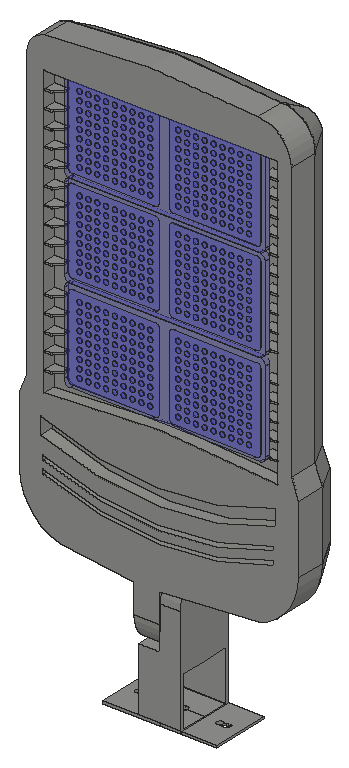
Revit family "VP-3-T", category Lighting Fixtures, host Face, Revit 2019 (continued)
Definition of nested family "SIZE3-T"
  Forms (in)
    Extrusion 49, void
      sketch origin (0, 0, 3.625) x (1, 0, 0) y (0, 0, 1)
        loop
          arc (6.73035, 7.45243) -> (-0.06706, 6.16477) -> (-6.85535, 7.49972) r 18.25
      from 1 to 1.75
    Blend 50, solid, material <- "Fixture"
      base sketch origin (0, 0, 0) x (1, 0, 0) y (0, 0, 1)
        loop
          arc (-6.75192, 33.95884) -> (-7.48558, 33.52919) -> (-7.77472, 32.72966) r 1.25
          line (-7.77472, 32.72966) -> (-7.77472, 15.72202) -> (-8.18, 14.67799) -> (-8.18, 10.64521)
          arc (-8.18, 10.64521) -> (-7.52407, 8.68733) -> (-5.82104, 7.51974) r 3.25
          arc (-5.82104, 7.51974) -> (-2.92086, 7.15165) -> (0, 7.02866) r 34.74571
          arc (0, 7.02866) -> (2.92086, 7.15165) -> (5.82104, 7.51974) r 34.74571
          arc (5.82104, 7.51974) -> (7.52407, 8.68733) -> (8.18, 10.64521) r 3.25
          line (8.18, 10.64521) -> (8.18, 14.67799) -> (7.7425, 15.80502) -> (7.7425, 32.05879)
          arc (7.7425, 32.05879) -> (7.16964, 33.45997) -> (5.77922, 34.05846) r 2
          arc (5.77922, 34.05846) -> (-0.48981, 34.44343) -> (-6.75192, 33.95884) r 45.36519
      top sketch origin (0, 0, 0) x (1, 0, 0) y (0, 0, 1)
        loop
          arc (5.71398, 33.05839) -> (-0.43659, 33.4438) -> (-6.58122, 32.97319) r 44.36519
          arc (-6.58122, 32.97319) -> (-6.72046, 32.88519) -> (-6.77472, 32.72966) r 0.25
          line (-6.77472, 32.72966) -> (-6.77472, 15.53474) -> (-7.18, 14.49071) -> (-7.18, 10.64521)
          arc (-7.18, 10.64521) -> (-6.74089, 9.30985) -> (-5.59495, 8.49571) r 2.25
          arc (-5.59495, 8.49571) -> (-2.89422, 8.15301) -> (-0.17465, 8.02912) r 33.74571
          arc (-0.17465, 8.02912) -> (2.72017, 8.13848) -> (5.59495, 8.49571) r 33.74571
          arc (5.59495, 8.49571) -> (6.74089, 9.30985) -> (7.18, 10.64521) r 2.25
          line (7.18, 10.64521) -> (7.18, 14.49071) -> (6.7425, 15.61774) -> (6.7425, 32.05879)
          arc (6.7425, 32.05879) -> (6.43945, 32.77591) -> (5.71398, 33.05839) r 1
      from 0 to -1.74
    Extrusion 51, solid, material <- "Fixture"
      sketch origin (0, 0, 0) x (0, 1, 0) y (0, 0, 1)
        loop
          line (1.74, 0) -> (1.74, 6.43918)
          arc (1.74, 6.43918) -> (0, 8.17918) -> (-1.74, 6.43918) r 1.74
          line (-1.74, 6.43918) -> (-1.74, 0) -> (1.74, 0)
      from -1.24 to 1.24
    Extrusion 52, solid, material <- "Fixture"
      sketch origin (0, 0, 0) x (0, 1, 0) y (0, 0, 1)
        loop
          line (1.74, 8.81429) -> (-1.74, 8.81429) -> (-1.74, 5.31429)
          arc (-1.74, 5.31429) -> (0, 3.57429) -> (1.74, 5.31429) r 1.74
          line (1.74, 5.31429) -> (1.74, 8.81429)
      from -1.5 to 0
    Extrusion 53, void
      sketch origin (0, 0, 0) x (1, 0, 0) y (0, 0, 1)
        loop
          line (-1.5, 8.3) -> (-1.5, 3.90812) -> (0, 3.90812) -> (0, 8.3) -> (-1.5, 8.3)
      from -1.84653 to 1.9488
    Extrusion 54, void
      sketch origin (0, 0, 0) x (0, 1, 0) y (0, 0, 1)
        loop
          line (1.58669, 3.10901) -> (0, 3.10901) -> (-1.58669, 3.10901) -> (-1.58669, 0.14528) -> (0, 0.14528) -> (1.58669, 0.14528) -> (1.58669, 3.10901)
      from -1.5 to 1.75
    Extrusion 55, solid, material <- "Fixture"
      sketch origin (0, 0, 0) x (1, 0, 0) y (0, 1, 0)
        loop
          line (-3.35412, 1.74) -> (-3.35412, -1.74) -> (0, -1.74) -> (3.35412, -1.74) -> (3.35412, 1.74) -> (0, 1.74) -> (-3.35412, 1.74)
        loop
          arc (-2.58546, 0.1829) -> (-2.78788, -0.01952) -> (-2.58546, -0.22194) r 0.20242
          line (-2.58546, -0.22194) -> (-2.19338, -0.22194)
          arc (-2.19338, -0.22194) -> (-1.99096, -0.01952) -> (-2.19338, 0.1829) r 0.20242
          line (-2.19338, 0.1829) -> (-2.58546, 0.1829)
        loop
          line (2.58546, 0.1829) -> (2.19338, 0.1829)
          arc (2.19338, 0.1829) -> (1.99096, -0.01952) -> (2.19338, -0.22194) r 0.20242
          line (2.19338, -0.22194) -> (2.58546, -0.22194)
          arc (2.58546, -0.22194) -> (2.78788, -0.01952) -> (2.58546, 0.1829) r 0.20242
        loop
          line (-1.24, 1.58669) -> (-1.24, -1.58669) -> (1.24, -1.58669) -> (1.24, 1.58669) -> (-1.24, 1.58669)
      from 0 to 0.14528
    Extrusion 56, void
      sketch origin (0, 0, 0) x (1, 0, 0) y (0, 1, 0)
        loop
          circle (0, 0) r 0.25
      from 0 to 1.75
  Cuts and joins
    Extrusion 3, Extrusion 49, Extrusion 53 cuts Extrusion 2
    joined: Extrusion 2, Extrusion 52
    Extrusion 53 cuts Blend 50
    Extrusion 53, Extrusion 54, Extrusion 56 cuts Extrusion 51
    Extrusion 54, Extrusion 56 cuts Extrusion 55
  Dimensions and locks (in)
    equal spacing: plane 4, plane 3 "Center (Left/Right)", plane 5
    "Width": plane 4 to plane 5
    "Length": plane 7 to plane 6
    "Mount Length": plane 6 to plane 2
    aligned and locked: plane 2 to Extrusion 1
    aligned and locked: level to Extrusion 1
    aligned and locked: plane 1 "Center (Front/Back)" to Blend 50
  Automatic sketch dimensions
    Extrusion 1 sketch curve to Extrusion 1 sketch curve = 96.00"  (x2)
    Extrusion 2 sketch curve to plane 3 "Center (Left/Right)" = 0.00"
    Extrusion 2 sketch curve to plane 3 "Center (Left/Right)" = 0.12919"
    plane 5 to Extrusion 2 sketch curve = 3.125"
    plane 5 to Extrusion 2 sketch curve = 1.53028"
    plane 5 to Extrusion 2 sketch curve = 0.28028"
    Extrusion 2 sketch curve to plane 5 = 0.125"
    Extrusion 2 sketch curve to plane 4 = 3.125"
    Extrusion 2 sketch curve to plane 4 = 2.3125"
    Extrusion 2 sketch curve to plane 4 = 0.3125"
    plane 4 to Extrusion 2 sketch curve = 0.125"
    Extrusion 2 sketch curve to level = 10.92033"
    plane 6 to Extrusion 2 sketch curve = 3.14521"
    Extrusion 2 sketch curve to Extrusion 2 sketch curve = 0.00"
    Extrusion 2 sketch curve to Extrusion 2 sketch curve = 4.03278"  (x2)
    Extrusion 2 sketch curve to Extrusion 2 sketch curve = 1.04403"
    Extrusion 2 sketch curve to Extrusion 2 sketch curve = 1.12703"
    Extrusion 2 sketch curve to plane 7 = 2.41121"
    Extrusion 2 sketch curve to Extrusion 2 sketch curve = 0.67087"
    plane 7 to Extrusion 2 sketch curve = 7.30438"
    plane 6 to Extrusion 2 sketch curve = 0.01974"
    Extrusion 2 sketch curve to plane 7 = 0.51116"
    plane 5 to Extrusion 3 sketch curve = 1.27892"
    plane 3 "Center (Left/Right)" to Extrusion 3 sketch curve = 0.06506"
    Extrusion 3 sketch curve to plane 4 = 1.125"
    Extrusion 3 sketch curve to level = 39.4018"
    plane 6 to Extrusion 3 sketch curve = 7.63674"
    Extrusion 3 sketch curve to plane 7 = 2.31818"
    plane 5 to Extrusion 4 sketch curve = 2.15013"
    Extrusion 4 sketch curve to Extrusion 4 sketch curve = 0.35"  (x3)
    Extrusion 4 sketch curve to plane 4 = 2.50013"  (x2)
    Extrusion 4 sketch curve to plane 7 = 7.81818"
    Extrusion 4 sketch curve to plane 7 = 2.66818"
    plane 5 to Extrusion 5 sketch curve = 3.08171"
    Extrusion 5 sketch curve to Extrusion 5 sketch curve = 0.00"  (x61)
    Extrusion 5 sketch curve to Extrusion 5 sketch curve = 0.51875"  (x27)
    Extrusion 5 sketch curve to plane 7 = 7.01806"
    Extrusion 5 sketch curve to Extrusion 5 sketch curve = 0.50"  (x72)
    plane 5 to Extrusion 6 sketch curve = 2.39345"
    Extrusion 6 sketch curve to Extrusion 6 sketch curve = 0.25"  (x3)
    Extrusion 6 sketch curve to plane 3 "Center (Left/Right)" = 0.54655"  (x2)
    Extrusion 6 sketch curve to plane 7 = 7.5141"
    Extrusion 6 sketch curve to plane 7 = 2.7641"
    Extrusion 7 sketch curve to plane 4 = 1.99807"
    Extrusion 7 sketch curve to plane 8 = 0.46661"
    Extrusion 7 sketch curve to Extrusion 7 sketch curve = 0.02618"
    Extrusion 7 sketch curve to Extrusion 7 sketch curve = 0.1119"
    Extrusion 7 sketch curve to plane 8 = 0.03691"
    Extrusion 7 sketch curve to Extrusion 7 sketch curve = 0.36056"
    Extrusion 7 sketch curve to plane 8 = 0.00781"
    Extrusion 7 sketch curve to Extrusion 7 sketch curve = 0.06241"
    Extrusion 7 sketch curve to Extrusion 7 sketch curve = 0.42393"
    Extrusion 7 sketch curve to Extrusion 7 sketch curve = 0.73219"
    plane 4 to Extrusion 8 sketch curve = 3.08171"
    Extrusion 8 sketch curve to Extrusion 8 sketch curve = 0.00"  (x61)
    Extrusion 8 sketch curve to Extrusion 8 sketch curve = 0.51875"  (x27)
    plane 7 to Extrusion 8 sketch curve = 7.01806"
    Extrusion 8 sketch curve to Extrusion 8 sketch curve = 0.50"  (x72)
    plane 4 to Extrusion 9 sketch curve = 2.39345"
    Extrusion 9 sketch curve to Extrusion 9 sketch curve = 0.25"  (x3)
    Extrusion 9 sketch curve to plane 3 "Center (Left/Right)" = 0.54655"  (x2)
    plane 7 to Extrusion 9 sketch curve = 7.5141"
    plane 7 to Extrusion 9 sketch curve = 2.7641"
    plane 5 to Extrusion 10 sketch curve = 2.15013"
    Extrusion 10 sketch curve to Extrusion 10 sketch curve = 0.35"  (x3)
    Extrusion 10 sketch curve to plane 4 = 2.50013"  (x2)
    Extrusion 10 sketch curve to plane 7 = 13.31818"
    Extrusion 10 sketch curve to Extrusion 10 sketch curve = 4.80"
    plane 5 to Extrusion 11 sketch curve = 3.08171"
    Extrusion 11 sketch curve to Extrusion 11 sketch curve = 0.00"  (x61)
    Extrusion 11 sketch curve to Extrusion 11 sketch curve = 0.51875"  (x27)
    Extrusion 11 sketch curve to plane 7 = 12.51806"
    Extrusion 11 sketch curve to Extrusion 11 sketch curve = 0.50"  (x72)
    plane 5 to Extrusion 12 sketch curve = 2.39345"
    Extrusion 12 sketch curve to Extrusion 12 sketch curve = 0.25"  (x3)
    Extrusion 12 sketch curve to plane 3 "Center (Left/Right)" = 0.54655"  (x2)
    Extrusion 12 sketch curve to plane 7 = 13.0141"
    Extrusion 12 sketch curve to Extrusion 12 sketch curve = 4.50"
    plane 4 to Extrusion 13 sketch curve = 3.08171"
    Extrusion 13 sketch curve to Extrusion 13 sketch curve = 0.00"  (x61)
    Extrusion 13 sketch curve to Extrusion 13 sketch curve = 0.51875"  (x27)
    plane 7 to Extrusion 13 sketch curve = 12.51806"
    Extrusion 13 sketch curve to Extrusion 13 sketch curve = 0.50"  (x72)
    plane 4 to Extrusion 14 sketch curve = 2.39345"
    Extrusion 14 sketch curve to Extrusion 14 sketch curve = 0.25"  (x3)
    Extrusion 14 sketch curve to plane 3 "Center (Left/Right)" = 0.54655"  (x2)
    plane 7 to Extrusion 14 sketch curve = 13.0141"
    Extrusion 14 sketch curve to Extrusion 14 sketch curve = 4.50"
    Extrusion 15 sketch curve to plane 5 = 2.15013"
    Extrusion 15 sketch curve to Extrusion 15 sketch curve = 0.35"  (x3)
    plane 4 to Extrusion 15 sketch curve = 2.50013"  (x2)
    plane 7 to Extrusion 15 sketch curve = 13.31818"
    Extrusion 15 sketch curve to Extrusion 15 sketch curve = 4.80"
    Extrusion 16 sketch curve to plane 5 = 3.08171"
    Extrusion 16 sketch curve to Extrusion 16 sketch curve = 0.00"  (x61)
    Extrusion 16 sketch curve to Extrusion 16 sketch curve = 0.51875"  (x27)
    Extrusion 16 sketch curve to plane 6 = 12.8517"
    Extrusion 16 sketch curve to Extrusion 16 sketch curve = 0.50"  (x72)
    Extrusion 17 sketch curve to plane 5 = 2.39345"
    Extrusion 17 sketch curve to Extrusion 17 sketch curve = 0.25"  (x3)
    plane 3 "Center (Left/Right)" to Extrusion 17 sketch curve = 0.54655"  (x2)
    Extrusion 17 sketch curve to plane 6 = 13.34775"
    Extrusion 17 sketch curve to Extrusion 17 sketch curve = 4.50"
    Extrusion 18 sketch curve to plane 4 = 3.08171"
    Extrusion 18 sketch curve to Extrusion 18 sketch curve = 0.00"  (x61)
    Extrusion 18 sketch curve to Extrusion 18 sketch curve = 0.51875"  (x27)
    plane 6 to Extrusion 18 sketch curve = 12.8517"
    Extrusion 18 sketch curve to Extrusion 18 sketch curve = 0.50"  (x72)
    Extrusion 19 sketch curve to plane 4 = 2.39345"
    Extrusion 19 sketch curve to Extrusion 19 sketch curve = 0.25"  (x3)
    plane 3 "Center (Left/Right)" to Extrusion 19 sketch curve = 0.54655"  (x2)
    plane 6 to Extrusion 19 sketch curve = 13.34775"
    Extrusion 19 sketch curve to Extrusion 19 sketch curve = 4.50"
    Extrusion 20 sketch curve to plane 4 = 1.99807"
    Extrusion 20 sketch curve to plane 8 = 0.46661"
    Extrusion 20 sketch curve to Extrusion 20 sketch curve = 0.02618"
    Extrusion 20 sketch curve to Extrusion 20 sketch curve = 0.1119"
    Extrusion 20 sketch curve to plane 8 = 0.03691"
    Extrusion 20 sketch curve to Extrusion 20 sketch curve = 0.36056"
    Extrusion 20 sketch curve to plane 8 = 0.00781"
    Extrusion 20 sketch curve to Extrusion 20 sketch curve = 0.06241"
    Extrusion 20 sketch curve to Extrusion 20 sketch curve = 0.42393"
    Extrusion 20 sketch curve to Extrusion 20 sketch curve = 0.73219"
    Extrusion 21 sketch curve to plane 4 = 1.99807"
    Extrusion 21 sketch curve to plane 8 = 0.46661"
    Extrusion 21 sketch curve to Extrusion 21 sketch curve = 0.02618"
    Extrusion 21 sketch curve to Extrusion 21 sketch curve = 0.1119"
    Extrusion 21 sketch curve to plane 8 = 0.03691"
    Extrusion 21 sketch curve to Extrusion 21 sketch curve = 0.36056"
    Extrusion 21 sketch curve to plane 8 = 0.00781"
    Extrusion 21 sketch curve to Extrusion 21 sketch curve = 0.06241"
    Extrusion 21 sketch curve to Extrusion 21 sketch curve = 0.42393"
    Extrusion 21 sketch curve to Extrusion 21 sketch curve = 0.73219"
    Extrusion 22 sketch curve to plane 4 = 1.99807"
    Extrusion 22 sketch curve to plane 8 = 0.46661"
    Extrusion 22 sketch curve to Extrusion 22 sketch curve = 0.02618"
    Extrusion 22 sketch curve to Extrusion 22 sketch curve = 0.1119"
    Extrusion 22 sketch curve to plane 8 = 0.03691"
    Extrusion 22 sketch curve to Extrusion 22 sketch curve = 0.36056"
    Extrusion 22 sketch curve to plane 8 = 0.00781"
    Extrusion 22 sketch curve to Extrusion 22 sketch curve = 0.06241"
    Extrusion 22 sketch curve to Extrusion 22 sketch curve = 0.42393"
    Extrusion 22 sketch curve to Extrusion 22 sketch curve = 0.73219"
    Extrusion 23 sketch curve to plane 4 = 1.99807"
    Extrusion 23 sketch curve to plane 8 = 0.46661"
    Extrusion 23 sketch curve to Extrusion 23 sketch curve = 0.02618"
    Extrusion 23 sketch curve to Extrusion 23 sketch curve = 0.1119"
    Extrusion 23 sketch curve to plane 8 = 0.03691"
    Extrusion 23 sketch curve to Extrusion 23 sketch curve = 0.36056"
    Extrusion 23 sketch curve to plane 8 = 0.00781"
    Extrusion 23 sketch curve to Extrusion 23 sketch curve = 0.06241"
    Extrusion 23 sketch curve to Extrusion 23 sketch curve = 0.42393"
    Extrusion 23 sketch curve to Extrusion 23 sketch curve = 0.73219"
    Extrusion 24 sketch curve to plane 4 = 1.99807"
    Extrusion 24 sketch curve to plane 8 = 0.46661"
    Extrusion 24 sketch curve to Extrusion 24 sketch curve = 0.02618"
    Extrusion 24 sketch curve to Extrusion 24 sketch curve = 0.1119"
    Extrusion 24 sketch curve to plane 8 = 0.03691"
    Extrusion 24 sketch curve to Extrusion 24 sketch curve = 0.36056"
    Extrusion 24 sketch curve to plane 8 = 0.00781"
    Extrusion 24 sketch curve to Extrusion 24 sketch curve = 0.06241"
    Extrusion 24 sketch curve to Extrusion 24 sketch curve = 0.42393"
    Extrusion 24 sketch curve to Extrusion 24 sketch curve = 0.73219"
    Extrusion 25 sketch curve to plane 4 = 1.99807"
    Extrusion 25 sketch curve to plane 8 = 0.46661"
    Extrusion 25 sketch curve to Extrusion 25 sketch curve = 0.02618"
    Extrusion 25 sketch curve to Extrusion 25 sketch curve = 0.1119"
    Extrusion 25 sketch curve to plane 8 = 0.03691"
    Extrusion 25 sketch curve to Extrusion 25 sketch curve = 0.36056"
    Extrusion 25 sketch curve to plane 8 = 0.00781"
    Extrusion 25 sketch curve to Extrusion 25 sketch curve = 0.06241"
    Extrusion 25 sketch curve to Extrusion 25 sketch curve = 0.42393"
    Extrusion 25 sketch curve to Extrusion 25 sketch curve = 0.73219"
    Extrusion 26 sketch curve to plane 4 = 1.99807"
    Extrusion 26 sketch curve to plane 8 = 0.46661"
    Extrusion 26 sketch curve to Extrusion 26 sketch curve = 0.02618"
    Extrusion 26 sketch curve to Extrusion 26 sketch curve = 0.1119"
    Extrusion 26 sketch curve to plane 8 = 0.03691"
    Extrusion 26 sketch curve to Extrusion 26 sketch curve = 0.36056"
    Extrusion 26 sketch curve to plane 8 = 0.00781"
    Extrusion 26 sketch curve to Extrusion 26 sketch curve = 0.06241"
    Extrusion 26 sketch curve to Extrusion 26 sketch curve = 0.42393"
    Extrusion 26 sketch curve to Extrusion 26 sketch curve = 0.73219"
    Extrusion 27 sketch curve to plane 4 = 1.99807"
    Extrusion 27 sketch curve to plane 8 = 0.46661"
    Extrusion 27 sketch curve to Extrusion 27 sketch curve = 0.02618"
    Extrusion 27 sketch curve to Extrusion 27 sketch curve = 0.1119"
    Extrusion 27 sketch curve to plane 8 = 0.03691"
    Extrusion 27 sketch curve to Extrusion 27 sketch curve = 0.36056"
    Extrusion 27 sketch curve to plane 8 = 0.00781"
    Extrusion 27 sketch curve to Extrusion 27 sketch curve = 0.06241"
    Extrusion 27 sketch curve to Extrusion 27 sketch curve = 0.42393"
    Extrusion 27 sketch curve to Extrusion 27 sketch curve = 0.73219"
    Extrusion 28 sketch curve to plane 4 = 1.99807"
    Extrusion 28 sketch curve to plane 8 = 0.46661"
    Extrusion 28 sketch curve to Extrusion 28 sketch curve = 0.02618"
    Extrusion 28 sketch curve to Extrusion 28 sketch curve = 0.1119"
    Extrusion 28 sketch curve to plane 8 = 0.03691"
    Extrusion 28 sketch curve to Extrusion 28 sketch curve = 0.36056"
    Extrusion 28 sketch curve to plane 8 = 0.00781"
    Extrusion 28 sketch curve to Extrusion 28 sketch curve = 0.06241"
    Extrusion 28 sketch curve to Extrusion 28 sketch curve = 0.42393"
    Extrusion 28 sketch curve to Extrusion 28 sketch curve = 0.73219"
    Extrusion 29 sketch curve to plane 4 = 1.99807"
    Extrusion 29 sketch curve to plane 8 = 0.46661"
    Extrusion 29 sketch curve to Extrusion 29 sketch curve = 0.02618"
    Extrusion 29 sketch curve to Extrusion 29 sketch curve = 0.1119"
    Extrusion 29 sketch curve to plane 8 = 0.03691"
    Extrusion 29 sketch curve to Extrusion 29 sketch curve = 0.36056"
    Extrusion 29 sketch curve to plane 8 = 0.00781"
    Extrusion 29 sketch curve to Extrusion 29 sketch curve = 0.06241"
    Extrusion 29 sketch curve to Extrusion 29 sketch curve = 0.42393"
    Extrusion 29 sketch curve to Extrusion 29 sketch curve = 0.73219"
    Extrusion 30 sketch curve to plane 4 = 1.99807"
    Extrusion 30 sketch curve to plane 8 = 0.46661"
    Extrusion 30 sketch curve to Extrusion 30 sketch curve = 0.02618"
    Extrusion 30 sketch curve to Extrusion 30 sketch curve = 0.1119"
    Extrusion 30 sketch curve to plane 8 = 0.03691"
    Extrusion 30 sketch curve to Extrusion 30 sketch curve = 0.36056"
    Extrusion 30 sketch curve to plane 8 = 0.00781"
    Extrusion 30 sketch curve to Extrusion 30 sketch curve = 0.06241"
    Extrusion 30 sketch curve to Extrusion 30 sketch curve = 0.42393"
    Extrusion 30 sketch curve to Extrusion 30 sketch curve = 0.73219"
    Extrusion 31 sketch curve to plane 4 = 1.99807"
    Extrusion 31 sketch curve to plane 8 = 0.46661"
    Extrusion 31 sketch curve to Extrusion 31 sketch curve = 0.02618"
    Extrusion 31 sketch curve to Extrusion 31 sketch curve = 0.1119"
    Extrusion 31 sketch curve to plane 8 = 0.03691"
    Extrusion 31 sketch curve to Extrusion 31 sketch curve = 0.36056"
    Extrusion 31 sketch curve to plane 8 = 0.00781"
    Extrusion 31 sketch curve to Extrusion 31 sketch curve = 0.06241"
    Extrusion 31 sketch curve to Extrusion 31 sketch curve = 0.42393"
    Extrusion 31 sketch curve to Extrusion 31 sketch curve = 0.73219"
    Extrusion 32 sketch curve to plane 4 = 1.99807"
    Extrusion 32 sketch curve to plane 8 = 0.46661"
    Extrusion 32 sketch curve to Extrusion 32 sketch curve = 0.02618"
    Extrusion 32 sketch curve to Extrusion 32 sketch curve = 0.1119"
    Extrusion 32 sketch curve to plane 8 = 0.03691"
    Extrusion 32 sketch curve to Extrusion 32 sketch curve = 0.36056"
    Extrusion 32 sketch curve to plane 8 = 0.00781"
    Extrusion 32 sketch curve to Extrusion 32 sketch curve = 0.06241"
    Extrusion 32 sketch curve to Extrusion 32 sketch curve = 0.42393"
    Extrusion 32 sketch curve to Extrusion 32 sketch curve = 0.73219"
    Extrusion 33 sketch curve to plane 4 = 1.99807"
    Extrusion 33 sketch curve to plane 8 = 0.46661"
    Extrusion 33 sketch curve to Extrusion 33 sketch curve = 0.02618"
    Extrusion 33 sketch curve to Extrusion 33 sketch curve = 0.1119"
    Extrusion 33 sketch curve to plane 8 = 0.03691"
    Extrusion 33 sketch curve to Extrusion 33 sketch curve = 0.36056"
    Extrusion 33 sketch curve to plane 8 = 0.00781"
    Extrusion 33 sketch curve to Extrusion 33 sketch curve = 0.06241"
    Extrusion 33 sketch curve to Extrusion 33 sketch curve = 0.42393"
    Extrusion 33 sketch curve to Extrusion 33 sketch curve = 0.73219"
    plane 5 to Extrusion 34 sketch curve = 2.1387"
    Extrusion 34 sketch curve to plane 8 = 0.46661"
    Extrusion 34 sketch curve to Extrusion 34 sketch curve = 0.02618"
    Extrusion 34 sketch curve to Extrusion 34 sketch curve = 0.1119"
    Extrusion 34 sketch curve to plane 8 = 0.03691"
    Extrusion 34 sketch curve to Extrusion 34 sketch curve = 0.36056"
    Extrusion 34 sketch curve to plane 8 = 0.00781"
    Extrusion 34 sketch curve to Extrusion 34 sketch curve = 0.06241"
    Extrusion 34 sketch curve to Extrusion 34 sketch curve = 0.42393"
    Extrusion 34 sketch curve to Extrusion 34 sketch curve = 0.20146"
    plane 5 to Extrusion 35 sketch curve = 2.1387"
    Extrusion 35 sketch curve to plane 8 = 0.46661"
    Extrusion 35 sketch curve to Extrusion 35 sketch curve = 0.02618"
    Extrusion 35 sketch curve to Extrusion 35 sketch curve = 0.1119"
    Extrusion 35 sketch curve to plane 8 = 0.03691"
    Extrusion 35 sketch curve to Extrusion 35 sketch curve = 0.36056"
    Extrusion 35 sketch curve to plane 8 = 0.00781"
    Extrusion 35 sketch curve to Extrusion 35 sketch curve = 0.06241"
    Extrusion 35 sketch curve to Extrusion 35 sketch curve = 0.42393"
    Extrusion 35 sketch curve to Extrusion 35 sketch curve = 0.20146"
    plane 5 to Extrusion 36 sketch curve = 2.1387"
    Extrusion 36 sketch curve to plane 8 = 0.46661"
    Extrusion 36 sketch curve to Extrusion 36 sketch curve = 0.02618"
    Extrusion 36 sketch curve to Extrusion 36 sketch curve = 0.1119"
    Extrusion 36 sketch curve to plane 8 = 0.03691"
    Extrusion 36 sketch curve to Extrusion 36 sketch curve = 0.36056"
    Extrusion 36 sketch curve to plane 8 = 0.00781"
    Extrusion 36 sketch curve to Extrusion 36 sketch curve = 0.06241"
    Extrusion 36 sketch curve to Extrusion 36 sketch curve = 0.42393"
    Extrusion 36 sketch curve to Extrusion 36 sketch curve = 0.20146"
    plane 5 to Extrusion 37 sketch curve = 2.1387"
    Extrusion 37 sketch curve to plane 8 = 0.46661"
    Extrusion 37 sketch curve to Extrusion 37 sketch curve = 0.02618"
    Extrusion 37 sketch curve to Extrusion 37 sketch curve = 0.1119"
    Extrusion 37 sketch curve to plane 8 = 0.03691"
    Extrusion 37 sketch curve to Extrusion 37 sketch curve = 0.36056"
    Extrusion 37 sketch curve to plane 8 = 0.00781"
    Extrusion 37 sketch curve to Extrusion 37 sketch curve = 0.06241"
    Extrusion 37 sketch curve to Extrusion 37 sketch curve = 0.42393"
    Extrusion 37 sketch curve to Extrusion 37 sketch curve = 0.20146"
    plane 5 to Extrusion 38 sketch curve = 2.1387"
    Extrusion 38 sketch curve to plane 8 = 0.46661"
    Extrusion 38 sketch curve to Extrusion 38 sketch curve = 0.02618"
    Extrusion 38 sketch curve to Extrusion 38 sketch curve = 0.1119"
    Extrusion 38 sketch curve to plane 8 = 0.03691"
    Extrusion 38 sketch curve to Extrusion 38 sketch curve = 0.36056"
    Extrusion 38 sketch curve to plane 8 = 0.00781"
    Extrusion 38 sketch curve to Extrusion 38 sketch curve = 0.06241"
    Extrusion 38 sketch curve to Extrusion 38 sketch curve = 0.42393"
    Extrusion 38 sketch curve to Extrusion 38 sketch curve = 0.20146"
    plane 5 to Extrusion 39 sketch curve = 2.1387"
    Extrusion 39 sketch curve to plane 8 = 0.46661"
    Extrusion 39 sketch curve to Extrusion 39 sketch curve = 0.02618"
    Extrusion 39 sketch curve to Extrusion 39 sketch curve = 0.1119"
    Extrusion 39 sketch curve to plane 8 = 0.03691"
    Extrusion 39 sketch curve to Extrusion 39 sketch curve = 0.36056"
    Extrusion 39 sketch curve to plane 8 = 0.00781"
    Extrusion 39 sketch curve to Extrusion 39 sketch curve = 0.06241"
    Extrusion 39 sketch curve to Extrusion 39 sketch curve = 0.42393"
    Extrusion 39 sketch curve to Extrusion 39 sketch curve = 0.20146"
    plane 5 to Extrusion 40 sketch curve = 2.1387"
    Extrusion 40 sketch curve to plane 8 = 0.46661"
    Extrusion 40 sketch curve to Extrusion 40 sketch curve = 0.02618"
    Extrusion 40 sketch curve to Extrusion 40 sketch curve = 0.1119"
    Extrusion 40 sketch curve to plane 8 = 0.03691"
    Extrusion 40 sketch curve to Extrusion 40 sketch curve = 0.36056"
    Extrusion 40 sketch curve to plane 8 = 0.00781"
    Extrusion 40 sketch curve to Extrusion 40 sketch curve = 0.06241"
    Extrusion 40 sketch curve to Extrusion 40 sketch curve = 0.42393"
    Extrusion 40 sketch curve to Extrusion 40 sketch curve = 0.20146"
    plane 5 to Extrusion 41 sketch curve = 2.1387"
    Extrusion 41 sketch curve to plane 8 = 0.46661"
    Extrusion 41 sketch curve to Extrusion 41 sketch curve = 0.02618"
    Extrusion 41 sketch curve to Extrusion 41 sketch curve = 0.1119"
    Extrusion 41 sketch curve to plane 8 = 0.03691"
    Extrusion 41 sketch curve to Extrusion 41 sketch curve = 0.36056"
    Extrusion 41 sketch curve to plane 8 = 0.00781"
    Extrusion 41 sketch curve to Extrusion 41 sketch curve = 0.06241"
    Extrusion 41 sketch curve to Extrusion 41 sketch curve = 0.42393"
    Extrusion 41 sketch curve to Extrusion 41 sketch curve = 0.20146"
    plane 5 to Extrusion 42 sketch curve = 2.1387"
    Extrusion 42 sketch curve to plane 8 = 0.46661"
    Extrusion 42 sketch curve to Extrusion 42 sketch curve = 0.02618"
    Extrusion 42 sketch curve to Extrusion 42 sketch curve = 0.1119"
    Extrusion 42 sketch curve to plane 8 = 0.03691"
    Extrusion 42 sketch curve to Extrusion 42 sketch curve = 0.36056"
    Extrusion 42 sketch curve to plane 8 = 0.00781"
    Extrusion 42 sketch curve to Extrusion 42 sketch curve = 0.06241"
    Extrusion 42 sketch curve to Extrusion 42 sketch curve = 0.42393"
    Extrusion 42 sketch curve to Extrusion 42 sketch curve = 0.20146"
    plane 5 to Extrusion 43 sketch curve = 2.1387"
    Extrusion 43 sketch curve to plane 8 = 0.46661"
    Extrusion 43 sketch curve to Extrusion 43 sketch curve = 0.02618"
    Extrusion 43 sketch curve to Extrusion 43 sketch curve = 0.1119"
    Extrusion 43 sketch curve to plane 8 = 0.03691"
    Extrusion 43 sketch curve to Extrusion 43 sketch curve = 0.36056"
    Extrusion 43 sketch curve to plane 8 = 0.00781"
    Extrusion 43 sketch curve to Extrusion 43 sketch curve = 0.06241"
    Extrusion 43 sketch curve to Extrusion 43 sketch curve = 0.42393"
    Extrusion 43 sketch curve to Extrusion 43 sketch curve = 0.20146"
    plane 5 to Extrusion 44 sketch curve = 2.1387"
    Extrusion 44 sketch curve to plane 8 = 0.46661"
    Extrusion 44 sketch curve to Extrusion 44 sketch curve = 0.02618"
    Extrusion 44 sketch curve to Extrusion 44 sketch curve = 0.1119"
    Extrusion 44 sketch curve to plane 8 = 0.03691"
    Extrusion 44 sketch curve to Extrusion 44 sketch curve = 0.36056"
    Extrusion 44 sketch curve to plane 8 = 0.00781"
    Extrusion 44 sketch curve to Extrusion 44 sketch curve = 0.06241"
    Extrusion 44 sketch curve to Extrusion 44 sketch curve = 0.42393"
    Extrusion 44 sketch curve to Extrusion 44 sketch curve = 0.20146"
    plane 5 to Extrusion 45 sketch curve = 2.1387"
    Extrusion 45 sketch curve to plane 8 = 0.46661"
    Extrusion 45 sketch curve to Extrusion 45 sketch curve = 0.02618"
    Extrusion 45 sketch curve to Extrusion 45 sketch curve = 0.1119"
    Extrusion 45 sketch curve to plane 8 = 0.03691"
    Extrusion 45 sketch curve to Extrusion 45 sketch curve = 0.36056"
    Extrusion 45 sketch curve to plane 8 = 0.00781"
    Extrusion 45 sketch curve to Extrusion 45 sketch curve = 0.06241"
    Extrusion 45 sketch curve to Extrusion 45 sketch curve = 0.42393"
    Extrusion 45 sketch curve to Extrusion 45 sketch curve = 0.20146"
    plane 5 to Extrusion 46 sketch curve = 2.1387"
    Extrusion 46 sketch curve to plane 8 = 0.46661"
    Extrusion 46 sketch curve to Extrusion 46 sketch curve = 0.02618"
    Extrusion 46 sketch curve to Extrusion 46 sketch curve = 0.1119"
    Extrusion 46 sketch curve to plane 8 = 0.03691"
    Extrusion 46 sketch curve to Extrusion 46 sketch curve = 0.36056"
    Extrusion 46 sketch curve to plane 8 = 0.00781"
    Extrusion 46 sketch curve to Extrusion 46 sketch curve = 0.06241"
    Extrusion 46 sketch curve to Extrusion 46 sketch curve = 0.42393"
    Extrusion 46 sketch curve to Extrusion 46 sketch curve = 0.20146"
    plane 5 to Extrusion 47 sketch curve = 2.1387"
    Extrusion 47 sketch curve to plane 8 = 0.46661"
    Extrusion 47 sketch curve to Extrusion 47 sketch curve = 0.02618"
    Extrusion 47 sketch curve to Extrusion 47 sketch curve = 0.1119"
    Extrusion 47 sketch curve to plane 8 = 0.03691"
    Extrusion 47 sketch curve to Extrusion 47 sketch curve = 0.36056"
    Extrusion 47 sketch curve to plane 8 = 0.00781"
    Extrusion 47 sketch curve to Extrusion 47 sketch curve = 0.06241"
    Extrusion 47 sketch curve to Extrusion 47 sketch curve = 0.42393"
    Extrusion 47 sketch curve to Extrusion 47 sketch curve = 0.20146"
    plane 5 to Extrusion 48 sketch curve = 2.1387"
    Extrusion 48 sketch curve to plane 8 = 0.46661"
    Extrusion 48 sketch curve to Extrusion 48 sketch curve = 0.02618"
    Extrusion 48 sketch curve to Extrusion 48 sketch curve = 0.1119"
    Extrusion 48 sketch curve to plane 8 = 0.03691"
    Extrusion 48 sketch curve to Extrusion 48 sketch curve = 0.36056"
    Extrusion 48 sketch curve to plane 8 = 0.00781"
    Extrusion 48 sketch curve to Extrusion 48 sketch curve = 0.06241"
    Extrusion 48 sketch curve to Extrusion 48 sketch curve = 0.42393"
    Extrusion 48 sketch curve to Extrusion 48 sketch curve = 0.20146"
    plane 5 to Extrusion 49 sketch curve = 1.10793"
    Extrusion 49 sketch curve to Extrusion 49 sketch curve = 0.09172"
    Extrusion 49 sketch curve to Extrusion 49 sketch curve = 0.00"  (x2)
    Extrusion 49 sketch curve to plane 3 "Center (Left/Right)" = 0.00354"  (x6)
    Extrusion 49 sketch curve to plane 4 = 1.32465"
    Extrusion 49 sketch curve to Extrusion 49 sketch curve = 0.08465"
    plane 6 to Extrusion 49 sketch curve = 3.35354"
    level to Extrusion 49 sketch curve = 10.80595"
    Extrusion 49 sketch curve to Extrusion 49 sketch curve = 0.27118"  (x2)
    Extrusion 49 sketch curve to Extrusion 49 sketch curve = 0.27147"  (x2)
    Extrusion 49 sketch curve to Extrusion 49 sketch curve = 0.47882"
    Extrusion 49 sketch curve to Extrusion 49 sketch curve = 0.47853"
    Extrusion 49 sketch curve to Extrusion 49 sketch curve = 1.01649"
    Extrusion 49 sketch curve to Extrusion 49 sketch curve = 1.00"  (x2)
    Extrusion 49 sketch curve to Extrusion 49 sketch curve = 0.875"
    Blend 50 sketch curve to Blend 50 sketch curve = 0.00"  (x3)
    Blend 50 sketch curve to plane 3 "Center (Left/Right)" = 0.00"  (x2)
    Blend 50 sketch curve to plane 3 "Center (Left/Right)" = 0.12919"  (x2)
    plane 5 to Blend 50 sketch curve = 3.125"
    plane 5 to Blend 50 sketch curve = 1.53028"  (x2)
    plane 5 to Blend 50 sketch curve = 0.28028"
    Blend 50 sketch curve to plane 5 = 0.125"
    Blend 50 sketch curve to plane 4 = 3.125"
    Blend 50 sketch curve to plane 4 = 2.3125"  (x2)
    Blend 50 sketch curve to plane 4 = 0.3125"
    plane 4 to Blend 50 sketch curve = 0.125"
    Blend 50 sketch curve to level = 10.92033"  (x2)
    Blend 50 sketch curve to Blend 50 sketch curve = 4.03278"  (x2)
    Blend 50 sketch curve to Blend 50 sketch curve = 1.04403"  (x2)
    Blend 50 sketch curve to Blend 50 sketch curve = 1.12703"  (x2)
    Blend 50 sketch curve to plane 7 = 2.41121"  (x2)
    Blend 50 sketch curve to Blend 50 sketch curve = 0.67087"  (x2)
    Blend 50 sketch curve to plane 7 = 0.51116"
    plane 6 to Blend 50 sketch curve = 3.14521"  (x2)
    plane 6 to Blend 50 sketch curve = 0.01974"  (x2)
    Blend 50 sketch curve to plane 6 = 0.47134"
    Blend 50 sketch curve to Blend 50 sketch curve = 0.25"
    plane 5 to Blend 50 sketch curve = 0.875"
    Blend 50 sketch curve to Blend 50 sketch curve = 1.00"
    Blend 50 sketch curve to plane 4 = 0.875"
    Blend 50 sketch curve to Blend 50 sketch curve = 3.8455"  (x2)
    Blend 50 sketch curve to Blend 50 sketch curve = 0.0565"
    Blend 50 sketch curve to Blend 50 sketch curve = 2.25"  (x2)
    plane 6 to Blend 50 sketch curve = 0.99571"  (x2)
    plane 6 to Blend 50 sketch curve = 0.52912"
    Blend 50 sketch curve to plane 3 "Center (Left/Right)" = 0.17465"
    Extrusion 51 sketch curve to plane 8 = 0.00"
    Extrusion 51 sketch curve to plane 1 "Center (Front/Back)" = 0.00"
    Extrusion 51 sketch curve to level = 0.00"
    Extrusion 51 sketch curve to plane 6 = 1.06082"
    Extrusion 52 sketch curve to plane 8 = 0.00"
    Extrusion 52 sketch curve to plane 1 "Center (Front/Back)" = 0.00"
    Extrusion 52 sketch curve to plane 6 = 2.18571"
    plane 6 to Extrusion 52 sketch curve = 1.31429"
    Extrusion 53 sketch curve to plane 3 "Center (Left/Right)" = 0.00"
    Extrusion 53 sketch curve to Extrusion 53 sketch curve = 1.50"
    Extrusion 53 sketch curve to plane 6 = 3.59188"
    plane 6 to Extrusion 53 sketch curve = 0.80"
    Extrusion 54 sketch curve to plane 1 "Center (Front/Back)" = 0.00"  (x2)
    Extrusion 54 sketch curve to plane 8 = 0.15331"
    plane 9 to Extrusion 54 sketch curve = 0.15331"
    level to Extrusion 54 sketch curve = 0.14528"
    Extrusion 54 sketch curve to Extrusion 54 sketch curve = 2.96373"
    plane 8 to Extrusion 55 sketch curve = 0.00"
    plane 9 to Extrusion 55 sketch curve = 0.00"
    Extrusion 55 sketch curve to plane 3 "Center (Left/Right)" = 0.00"  (x2)
    plane 9 to Extrusion 55 sketch curve = 0.15331"
    Extrusion 55 sketch curve to plane 3 "Center (Left/Right)" = 1.24"
    plane 1 "Center (Front/Back)" to Extrusion 55 sketch curve = 0.22194"
    Extrusion 55 sketch curve to Extrusion 55 sketch curve = 0.95338"  (x2)
    Extrusion 55 sketch curve to plane 1 "Center (Front/Back)" = 0.1829"  (x2)
    Extrusion 55 sketch curve to Extrusion 55 sketch curve = 0.39209"  (x2)
    Extrusion 55 sketch curve to Extrusion 55 sketch curve = 0.76865"  (x2)
    Extrusion 55 sketch curve to plane 8 = 0.15331"
    plane 3 "Center (Left/Right)" to Extrusion 55 sketch curve = 1.24"
    plane 1 "Center (Front/Back)" to Extrusion 55 sketch curve = 0.01952"
    plane 1 "Center (Front/Back)" to Extrusion 56 sketch curve = 0.00"
    Extrusion 56 sketch curve to plane 3 "Center (Left/Right)" = 0.00"
    radius of Extrusion 5 sketch curve = 0.15"  (x81)
    radius of Extrusion 8 sketch curve = 0.15"  (x81)
    radius of Extrusion 11 sketch curve = 0.15"  (x81)
    radius of Extrusion 13 sketch curve = 0.15"  (x81)
    radius of Extrusion 16 sketch curve = 0.15"  (x81)
    radius of Extrusion 18 sketch curve = 0.15"  (x81)
    radius of Extrusion 56 sketch curve = 0.25"
